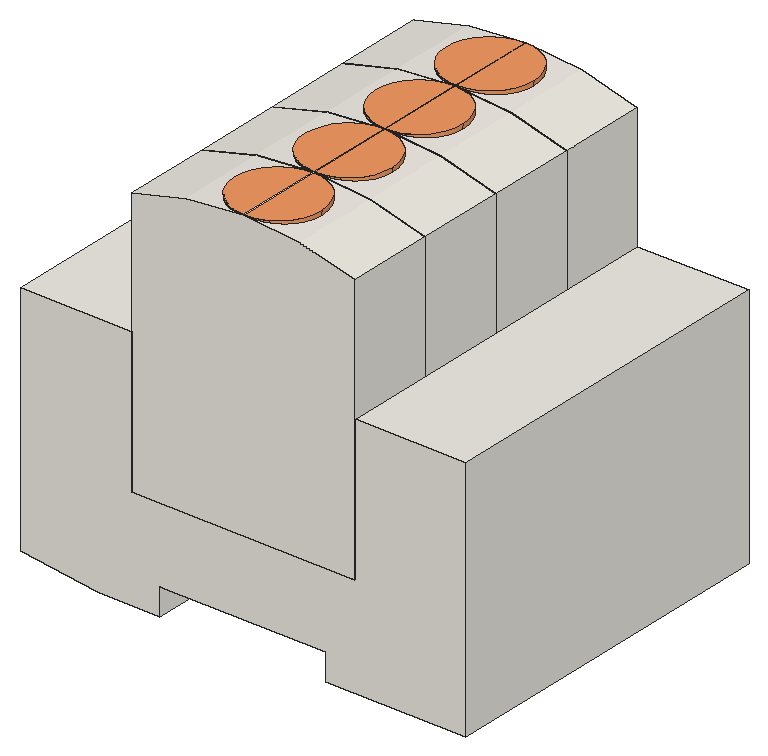
Revit family "Überspannungsableiter V20, 4-polig", category Generic Models, Revit 2015
Parameters (values of type "V20-4-550")
  Width = 90 mm
  URL = "http://www.obo-bettermann.com"
  Material 2 = PA 66/6 FR HF RAL 2003
  Material = PA 66/6 FR HF RAL 9010
  Manufacturer Art.No. = "5095214"
  Manufacturer = "OBO Bettermann"
  Length = 71.2 mm
  Height = 78.5 mm
  GTIN = "4012196160013"
  Article Type = "V20-4-550"
Types (4, lengths in mm): name | Manufacturer Art.No. | GTIN | Article Type
  (no name) | "5095214" | "4012196160013" | "V20-4-550"
  V20-4-280 | "5095164" | "4012196159833" | "V20-4-280"
  V20-4-385 | "5095194" | "4012196159932" | "V20-4-385"
  V20-4-550 | "5095214" | "4012196160013" | "V20-4-550"
Reference planes
  plane 1 "Center (Front/Back)": y = 0
  plane 2: z = 0
  plane 3 "Center (Left/Right)": x = 0
  plane 4: y = 17.8
  plane 5: z = 78.5
  plane 6: z = 78.5
  plane 7: z = 77.5
  plane 8: y = 35.6
  plane 9: y = 53.4
  plane 10: y = 71.2
Forms (mm)
  Extrusion 1, solid, material "PA 66/6 FR HF RAL 9010" <- "Material"
    sketch origin (0, 0, 0) x (1, 0, 0) y (0, 0, 1)
      loop
        line (-29.35, 0) -> (-16.75, 0) -> (-16.75, 5.5) -> (16.75, 5.5) -> (16.75, 0) -> (45, 0) -> (45, 49.5) -> (22.5, 49.5) -> (22.5, 20.5) -> (-22.5, 20.5) -> (-22.5, 49.5) -> (-45, 49.5) -> (-45, 1.922) -> (-29.35, 0)
    from -71.2 to 0
  Extrusion 2, solid, material "PA 66/6 FR HF RAL 9010" <- "Material"
    sketch origin (0, 0, 0) x (1, 0, 0) y (0, 0, 1)
      loop
        line (-22.5, 20.5) -> (22.5, 20.5) -> (22.5, 74.639)
        arc (22.5, 74.639) -> (0, 78.5) -> (-22.5, 74.639) r 67.488
        line (-22.5, 74.639) -> (-22.5, 20.5)
    from -17.8 to 0
  Extrusion 3, solid, material "PA 66/6 FR HF RAL 2003" <- "Material 2"
    sketch origin (0, 0, 0) x (1, 0, 0) y (0, 1, 0)
      loop
        circle (0, 8.9) r 8.75
    from 77.5 to 78.5
  Extrusion 4, solid, material "PA 66/6 FR HF RAL 9010" <- "Material"
    sketch origin (0, 0, 0) x (1, 0, 0) y (0, 0, 1)
      loop
        line (-22.5, 74.639) -> (-22.5, 20.5) -> (22.5, 20.5) -> (22.5, 74.639)
        arc (22.5, 74.639) -> (0, 78.5) -> (-22.5, 74.639) r 67.488
    from -35.6 to -17.8
  Extrusion 5, solid, material "PA 66/6 FR HF RAL 2003" <- "Material 2"
    sketch origin (0, 0, 0) x (1, 0, 0) y (0, 1, 0)
      loop
        circle (0, 26.7) r 8.8
    from 77.5 to 78.5
  Extrusion 6, solid, material "PA 66/6 FR HF RAL 9010" <- "Material"
    sketch origin (0, 0, 0) x (1, 0, 0) y (0, 0, 1)
      loop
        line (-22.5, 74.639) -> (-22.5, 20.5) -> (22.5, 20.5) -> (22.5, 74.639)
        arc (22.5, 74.639) -> (0, 78.5) -> (-22.5, 74.639) r 67.488
    from -53.4 to -35.6
  Extrusion 7, solid, material "PA 66/6 FR HF RAL 2003" <- "Material 2"
    sketch origin (0, 0, 0) x (1, 0, 0) y (0, 1, 0)
      loop
        circle (0, 44.5) r 8.8
    from 77.5 to 78.5
  Extrusion 8, solid, material "PA 66/6 FR HF RAL 9010" <- "Material"
    sketch origin (0, 0, 0) x (1, 0, 0) y (0, 0, 1)
      loop
        line (-22.5, 74.639) -> (-22.5, 20.5) -> (22.5, 20.5) -> (22.5, 74.639)
        arc (22.5, 74.639) -> (0, 78.5) -> (-22.5, 74.639) r 67.488
    from -71.2 to -53.4
  Extrusion 9, solid, material "PA 66/6 FR HF RAL 2003" <- "Material 2"
    sketch origin (0, 0, 0) x (1, 0, 0) y (0, 1, 0)
      loop
        circle (0, 62.3) r 8.8
    from 77.5 to 78.5
Dimensions and locks
  locked: Extrusion 1 sketch curve to Extrusion 1 sketch curve at 33.5
  locked: plane 3 "Center (Left/Right)" to Extrusion 1 sketch curve at 16.75
  locked: Extrusion 1 sketch curve to level at 5.5
  "Width": Extrusion 1 sketch curve to Extrusion 1 sketch curve
  equal spacing: Extrusion 1 sketch curve, plane 3 "Center (Left/Right)", Extrusion 1 sketch curve, locked at 45 each
  locked: Extrusion 1 sketch curve to Extrusion 1 sketch curve at 44
  locked: Extrusion 1 sketch curve to Extrusion 1 sketch curve at 45
  equal spacing: Extrusion 1 sketch curve, plane 3 "Center (Left/Right)", Extrusion 1 sketch curve, locked at 22.5 each
  locked: Extrusion 1 sketch curve to Extrusion 1 sketch curve at 29
  locked: Extrusion 1 sketch curve to Extrusion 1 sketch curve at 15.65
  locked: Extrusion 1 sketch curve to level at 1.922
  "Height": plane 5 to level
  locked: Extrusion 2 sketch curve to Extrusion 1 at 54.139
  locked: Extrusion 2 to Extrusion 3 sketch curve at 8.9
  "Height": plane 6 to level
  locked: plane 6 to plane 7 at 1
  locked: plane 4 to plane 1 "Center (Front/Back)" at 17.8
  Extrusion 4 to Extrusion 5 sketch curve = 8.9 mm
  locked: plane 8 to plane 4 at 17.8
  locked: Extrusion 6 to Extrusion 7 sketch curve at 8.9
  locked: plane 9 to plane 8 at 17.8
  "Length": plane 1 "Center (Front/Back)" to plane 10
  locked: Extrusion 8 to Extrusion 9 sketch curve at 8.9
  radius of Extrusion 2 sketch curve = 67.488 mm
  radius of Extrusion 3 sketch curve = 8.75 mm
  radius of Extrusion 5 sketch curve = 8.8 mm
  radius of Extrusion 7 sketch curve = 8.8 mm
  radius of Extrusion 9 sketch curve = 8.8 mm
  aligned and locked: level to plane 2
  aligned and locked: Extrusion 1 sketch curve to level  (x2)
  aligned and locked: Extrusion 1 sketch curve to Extrusion 1 sketch curve
  aligned and locked: plane 1 "Center (Front/Back)" to Extrusion 1
  aligned and locked: Extrusion 2 sketch curve to Extrusion 1  (x3)
  aligned and locked: Extrusion 2 sketch curve to Extrusion 2 sketch curve
  aligned and locked: plane 1 "Center (Front/Back)" to Extrusion 2
  aligned and locked: plane 6 to Extrusion 3
  aligned and locked: Extrusion 3 to plane 7
  aligned and locked: Extrusion 4 sketch curve to Extrusion 2  (x4)
  aligned and locked: Extrusion 4 to plane 4
  aligned and locked: Extrusion 5 to Extrusion 3  (x2)
  aligned and locked: Extrusion 6 sketch curve to Extrusion 2  (x4)
  aligned and locked: Extrusion 6 to plane 8
  aligned and locked: Extrusion 7 to Extrusion 3  (x2)
  aligned and locked: plane 10 to Extrusion 1
  aligned and locked: Extrusion 8 sketch curve to Extrusion 2  (x4)
  aligned and locked: Extrusion 1 to Extrusion 8
  aligned and locked: Extrusion 8 to plane 9
  aligned and locked: Extrusion 9 to Extrusion 3  (x2)
Automatic sketch dimensions
  Extrusion 3 sketch curve to plane 3 "Center (Left/Right)" = 0 mm
  Extrusion 5 sketch curve to plane 3 "Center (Left/Right)" = 0 mm
  Extrusion 7 sketch curve to plane 3 "Center (Left/Right)" = 0 mm
  Extrusion 9 sketch curve to plane 3 "Center (Left/Right)" = 0 mm
